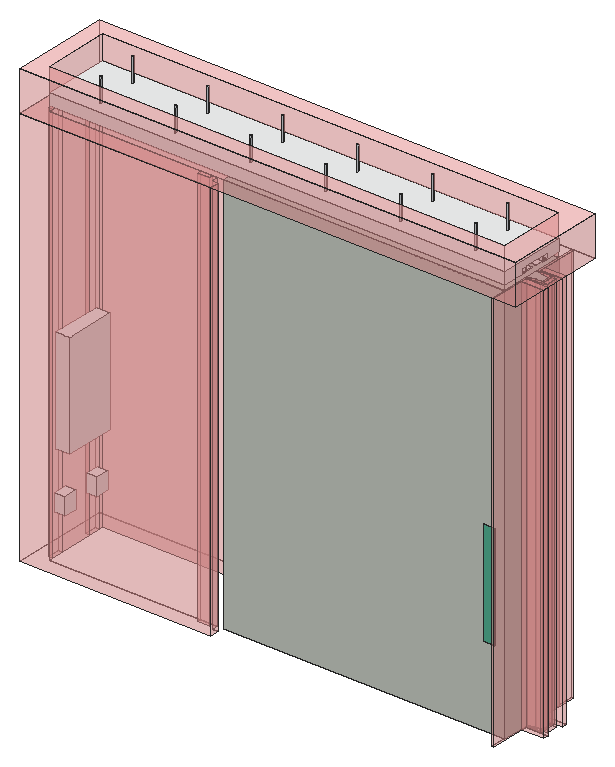
Revit family "Doors-Sliding_WON-DOOR_Fireguard-MFW-Straight_", category Doors, host Wall, Revit 2020 (continued)
Definition of nested family "Second Detail Item"
  Lines and regions (in)
    detail lines, in view "Ref. Level", visible <- "Backing Profile Clearance ( by other )", detail levels medium+fine
      curve 35: line (-1.95599, -0.09504, 0) -> (-1.21474, -2.24778, 0)
      curve 36: line (-1.21474, -2.24778, 0) -> (-1.21474, -4.18947, 0)
      curve 37: line (-1.15009, -4.12306, 0) -> (-1.15009, -2.25523, 0)
      curve 38: line (1.15009, -4.12306, 0) -> (-1.15009, -4.12306, 0)
      curve 40: line (1.15009, -2.25523, 0) -> (1.15009, -4.12306, 0)
      curve 41: line (1.21474, -4.18947, 0) -> (1.21474, -2.24778, 0)
      curve 42: line (1.92662, 0, 0) -> (1.15009, -2.25523, 0)
      curve 43: line (1.21474, -2.24778, 0) -> (1.95599, -0.09504, 0)
      curve 44: line (-2.00526, -0.39183, 0) -> (-2.00526, -0.09504, 0)
      curve 45: line (-2.0625, 0, 0) -> (-2.0625, -0.39183, 0)
      curve 46: line (-2.0625, -0.39183, 0) -> (-2.00526, -0.39183, 0)
      curve 47: line (-2.00526, -0.09504, 0) -> (-1.95599, -0.09504, 0)
      curve 48: line (-1.92662, 0, 0) -> (-2.0625, 0, 0)
      curve 49: line (2.0625, -0.39183, 0) -> (2.0625, 0, 0)
      curve 50: line (2.00526, -0.09504, 0) -> (2.00526, -0.39183, 0)
      curve 51: line (2.00526, -0.39183, 0) -> (2.0625, -0.39183, 0)
      curve 52: line (1.95599, -0.09504, 0) -> (2.00526, -0.09504, 0)
      curve 53: line (2.0625, 0, 0) -> (1.92662, 0, 0)
    detail lines, in view "Ref. Level"
      curve 39: line (-1.21474, -4.18947, 0) -> (1.21474, -4.18947, 0)
  Dimensions and locks (in)
    equal spacing: plane 4, plane 3 "Center (Left/Right)", plane 5
    "Pocket Thickness": plane 4 to plane 5
    locked: Masking region 1 sketch curve to Masking region 1 sketch curve at 0.625  (x5)
    equal spacing: Masking region 1 sketch curve, plane 3 "Center (Left/Right)", Masking region 1 sketch curve
    locked: Masking region 1 sketch curve to Masking region 1 sketch curve at 4.125
    equal spacing: Masking region 2 sketch curve, plane 3 "Center (Left/Right)", Masking region 2 sketch curve
    locked: Masking region 2 sketch curve to Masking region 2 sketch curve at 3.625
    locked: Masking region 2 sketch curve to Masking region 2 sketch curve at 1.25
    locked: Masking region 2 sketch curve to plane 1 "Center (Front/Back)" at 4.875
    locked: Masking region 2 sketch curve to plane 1 "Center (Front/Back)" at 0.62531  (x2)
    locked: Masking region 2 sketch curve to Masking region 2 sketch curve at 6.5  (x2)
    locked: Masking region 2 sketch curve to Masking region 2 sketch curve at 1.625  (x2)
    locked: Masking region 2 sketch curve to plane 3 "Center (Left/Right)" at 2.6875
    locked: plane 3 "Center (Left/Right)" to Masking region 2 sketch curve at 2.6875
    equal spacing: Masking region 3 sketch curve, plane 3 "Center (Left/Right)", Masking region 3 sketch curve
    locked: Masking region 3 sketch curve to Masking region 3 sketch curve at 4.125
    locked: Masking region 3 sketch curve to plane 1 "Center (Front/Back)" at 4.25
    locked: curve 1 to curve 1 at 3
    locked: curve 1 to plane 3 "Center (Left/Right)" at 16.375
    aligned and locked: Masking region 1 sketch curve to plane 4
    aligned and locked: plane 5 to Masking region 1 sketch curve
    aligned and locked: plane 1 "Center (Front/Back)" to Masking region 1 sketch curve
    aligned and locked: Masking region 1 sketch curve to plane 1 "Center (Front/Back)"
    aligned and locked: Masking region 3 sketch curve to plane 1 "Center (Front/Back)"
    aligned and locked: curve 1 to plane 1 "Center (Front/Back)"
    aligned and locked: curve 2 to Masking region 2
    aligned and locked: curve 3 to Masking region 2
    aligned and locked: curve 4 to Masking region 2
    aligned and locked: curve 5 to Masking region 2
    aligned and locked: curve 6 to Masking region 2
    aligned and locked: curve 7 to Masking region 2
    aligned and locked: curve 8 to Masking region 2
    aligned and locked: curve 9 to Masking region 2
    aligned and locked: Masking region 2 to curve 11
    aligned and locked: curve 12 to Masking region 2
    aligned and locked: curve 13 to Masking region 1
    aligned and locked: curve 14 to Masking region 1
    aligned and locked: curve 15 to Masking region 1
    aligned and locked: curve 16 to Masking region 3
    aligned and locked: Masking region 1 to curve 17
    aligned and locked: curve 18 to Masking region 3
    aligned and locked: curve 19 to Masking region 1
    aligned and locked: curve 20 to Masking region 1
    aligned and locked: curve 21 to Masking region 1
    aligned and locked: curve 22 to Masking region 1
    aligned and locked: curve 23 to Masking region 1
    aligned and locked: curve 24 to Masking region 3
    aligned and locked: curve 25 to Masking region 2
    aligned and locked: curve 26 to Masking region 5
    aligned and locked: curve 27 to Masking region 5
    aligned and locked: curve 28 to Masking region 5
    aligned and locked: curve 29 to Masking region 5
    aligned and locked: curve 30 to Masking region 5
    aligned and locked: curve 31 to Masking region 5
    aligned and locked: curve 32 to Masking region 5
    aligned and locked: curve 33 to Masking region 5
    aligned and locked: curve 34 to Masking region 4
    aligned and locked: curve 35 to Masking region 4
    aligned and locked: curve 36 to Masking region 4
    aligned and locked: curve 37 to Masking region 4
    aligned and locked: curve 38 to Masking region 4
    aligned and locked: curve 39 to Masking region 4
    aligned and locked: curve 40 to Masking region 4
    aligned and locked: curve 41 to Masking region 4
    aligned and locked: curve 42 to Masking region 4
    aligned and locked: curve 43 to Masking region 4
    aligned and locked: curve 44 to Masking region 4
    aligned and locked: curve 45 to Masking region 4
    aligned and locked: curve 46 to Masking region 4
    aligned and locked: curve 47 to Masking region 4
    aligned and locked: curve 48 to Masking region 4
    aligned and locked: curve 49 to Masking region 4
    aligned and locked: curve 50 to Masking region 4
    aligned and locked: curve 51 to Masking region 4
    aligned and locked: curve 52 to Masking region 4
    aligned and locked: curve 53 to Masking region 4
  Automatic sketch dimensions
    curve 15 to plane 4 = 0' - 0"
    plane 1 "Center (Front/Back)" to curve 14 = 0' - 0"
    curve 22 to plane 5 = 0' - 0"
    curve 3 to plane 3 "Center (Left/Right)" = 0' - 4 5/16"
    plane 1 "Center (Front/Back)" to curve 4 = 0' - 0.62531"
    curve 2 to curve 4 = 0' - 1 5/8"
    curve 4 to curve 14 = 0' - 0 5/8"
    curve 3 to curve 10 = 0' - 0 7/8"
    plane 3 "Center (Left/Right)" to curve 10 = 0' - 1 13/16"
    plane 3 "Center (Left/Right)" to curve 18 = 0' - 2 1/16"
    curve 10 to curve 6 = 0' - 0 7/8"
    curve 6 to curve 7 = 0' - 1 5/8"
    curve 18 to curve 18 = 0' - 4 1/4"
    curve 25 to curve 18 = 0' - 0 5/8"
    curve 10 to curve 12 = 0' - 1 1/4"
    curve 7 to curve 10 = 0' - 1.00031"
    curve 4 to curve 10 = 0' - 1.00031"
    plane 1 "Center (Front/Back)" to curve 6 = 0' - 0.62531"
    curve 22 to curve 21 = 0' - 0 5/8"
    curve 15 to curve 14 = 0' - 0 5/8"
    curve 13 to curve 4 = 0' - 0"
    curve 20 to curve 6 = 0' - 0"
    curve 12 to curve 23 = 0' - 0"
    curve 19 to curve 23 = 0' - 0.09976"
    curve 17 to curve 23 = 0' - 0.09976"
    Masking region 1 sketch curve to Masking region 1 sketch curve = 0' - 3 5/8"
    curve 1 to Masking region 5 sketch curve = 0' - 0"  (x2)
    Masking region 5 sketch curve to curve 1 = 0' - 4.18947"
    Masking region 5 sketch curve to curve 1 = 1' - 5.59149"
    Masking region 5 sketch curve to Masking region 5 sketch curve = 0' - 0 17/256"  (x3)
    Masking region 5 sketch curve to Masking region 5 sketch curve = 0' - 2.30017"
    Masking region 4 sketch curve to curve 1 = 0' - 0.39183"
    Masking region 4 sketch curve to curve 1 = 1' - 6 7/16"
    Masking region 4 sketch curve to Masking region 4 sketch curve = 0' - 0.05724"  (x2)
    Masking region 4 sketch curve to curve 1 = 0' - 0.09504"  (x2)
    Masking region 4 sketch curve to Masking region 4 sketch curve = 0' - 0.04927"  (x2)
    curve 1 to Masking region 4 sketch curve = 0' - 0"  (x2)
    Masking region 4 sketch curve to Masking region 4 sketch curve = 0' - 0.02936"  (x2)
    Masking region 4 sketch curve to Masking region 4 sketch curve = 0' - 0.79052"
    Masking region 4 sketch curve to Masking region 4 sketch curve = 0' - 0.06466"  (x2)
    Masking region 4 sketch curve to Masking region 4 sketch curve = 0' - 2.30017"
    Masking region 4 sketch curve to Masking region 4 sketch curve = 0' - 0.71188"
    Masking region 4 sketch curve to Masking region 4 sketch curve = 0' - 0.29679"
    Masking region 4 sketch curve to curve 1 = 0' - 2.24778"  (x2)
    Masking region 4 sketch curve to Masking region 4 sketch curve = 0' - 0.00745"  (x2)
    Masking region 4 sketch curve to Masking region 4 sketch curve = 0' - 1.86783"
    Masking region 4 sketch curve to Masking region 4 sketch curve = 0' - 0 17/256"
    curve 1 to curve 33 = 0' - 0"
    curve 1 to curve 27 = 0' - 0"
    curve 33 to curve 1 = 1' - 5.59149"
    curve 29 to curve 30 = 0' - 0 17/256"
    curve 28 to curve 28 = 0' - 2.30017"
    curve 27 to curve 32 = 0' - 0 17/256"
    curve 27 to curve 1 = 0' - 4.12306"
    curve 27 to curve 29 = 0' - 0 17/256"
    plane 1 "Center (Front/Back)" to curve 21 = 0' - 0"
    curve 16 to curve 39 = 0' - 0.84776"
    curve 39 to curve 18 = 0' - 0.84776"
    curve 18 to curve 39 = 0' - 0.06053"
    curve 1 to curve 53 = 0' - 0"
    curve 1 to curve 34 = 0' - 0"
    curve 53 to curve 31 = 0' - 0.71013"
    curve 43 to curve 1 = 0' - 0.09504"
    curve 43 to curve 42 = 0' - 0.02936"
    curve 50 to curve 43 = 0' - 0.04927"
    curve 51 to curve 50 = 0' - 0.05724"
    curve 41 to curve 28 = 0' - 0.06466"
    curve 42 to curve 1 = 0' - 2.25523"
    curve 34 to curve 36 = 0' - 0.06466"
    curve 26 to curve 34 = 0' - 0.71013"
    curve 34 to curve 47 = 0' - 0.02936"
    curve 35 to curve 46 = 0' - 0.04927"
    curve 44 to curve 46 = 0' - 0.05724"
    curve 44 to curve 1 = 0' - 0.09504"
    curve 50 to curve 50 = 0' - 0.29679"
    curve 44 to curve 44 = 0' - 0.29679"
    curve 41 to curve 40 = 0' - 0.00745"
    curve 35 to curve 27 = 0' - 1.87529"
    curve 36 to curve 37 = 0' - 0.00745"
    curve 26 to curve 36 = 0' - 0"
    curve 41 to curve 29 = 0' - 0"
Types (3): name | Rough Width | Pocket Thickness | Offset for Stack Depth | Fire Rating
  (no name) | 11' - 8 7/8" | 2' - 5 3/4" | 0' - 4 7/8" | "60 Minute Fire Rating"
  60 Minute | 11' - 8 7/8" | 2' - 5 3/4" | 0' - 4 7/8" | "60 Minute Fire Rating"
  120 Minute | 11' - 10 1/8" | 2' - 8 1/4" | 0' - 6 1/8" | "120 Minute Fire Rating"
